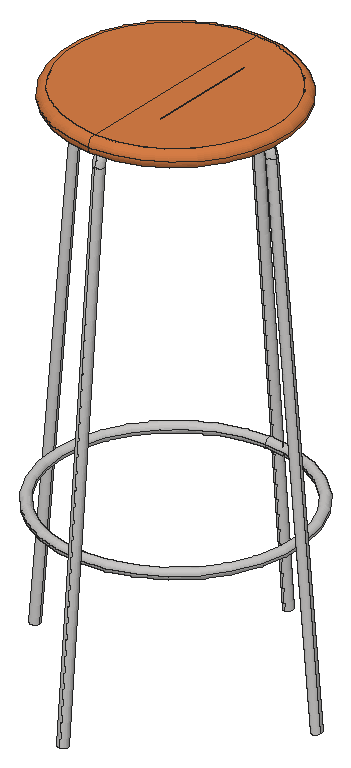
Revit family "Chair Bar 1", category Furniture, Revit 2015
Parameters (values of type "17.5x85cm")
  Material Seat/Back [instance] = Orange Light
  Material Base [instance] = Stainless Steel
  Keynote = ""
  Assembly Code = ""
  Height = 850 mm
  Radius = 175 mm
Reference planes
  plane 1 "Center F/B": y = 0
  plane 2: z = 0
  plane 3 "Center L/R": x = 0
  plane 4: z = 850
  plane 5: z = 254
Forms (mm)
  Sweep 1, solid, material "Stainless Steel" <- "Material Base"
    path origin (0, 0, 0) x (1, 0, 0) y (0, 0, 1)
      loop
        line (225.733, 0) -> (154.429, 801.414)
        arc (154.429, 801.414) -> (146.285, 817.927) -> (129.125, 824.6) r 25.4
        line (129.125, 824.6) -> (-129.125, 824.6)
        arc (-129.125, 824.6) -> (-146.285, 817.927) -> (-154.429, 801.414) r 25.4
        line (-154.429, 801.414) -> (-225.733, 0)
    profile origin (0, 0, 0) x (0, 0, -1) y (0, -1, 0)
      loop
        circle (-824.6, 0) r 7.5
  Sweep 2, solid, material "Stainless Steel" <- "Material Base"
    path origin (0, 0, 0) x (0, 1, 0) y (0, 0, 1)
      loop
        line (-225.733, 0) -> (-154.429, 801.414)
        arc (-154.429, 801.414) -> (-146.285, 817.927) -> (-129.125, 824.6) r 25.4
        line (-129.125, 824.6) -> (129.125, 824.6)
        arc (129.125, 824.6) -> (146.285, 817.927) -> (154.429, 801.414) r 25.4
        line (154.429, 801.414) -> (225.733, 0)
    profile origin (0, 0, 0) x (0, 0, 1) y (1, 0, 0)
      loop
        circle (824.6, 0) r 7.5
  Revolve 3, solid, material "Orange Light" <- "Material Seat/Back"
    sketch origin (0, 0, 0) x (0, 1, 0) y (0, 0, 1)
      loop
        line (0, 850) -> (0, 824.6) -> (162.3, 824.6)
        arc (162.3, 824.6) -> (171.28, 828.32) -> (175, 837.3) r 12.7
        arc (175, 837.3) -> (171.28, 846.28) -> (162.3, 850) r 12.7
        line (162.3, 850) -> (0, 850)
      axis (0, 824.6) -> (0, 850)
    angle from 0 to 360
  Sweep 4, solid, material "Stainless Steel" <- "Material Base"
    path origin (0, 0, 254) x (0, -1, 0) y (1, 0, 0)
      loop
        circle (0, 0) r 209.918
    profile origin (0, 0, 254) x (-1, 0, 0) y (0, 0, 1)
      loop
        circle (188.053, 0) r 7.5
Lines and regions (mm)
  symbolic lines
    curve 1: line (15.875, 226.487, 0) -> (15.875, 202.952, 0)
    curve 2: line (-15.875, 226.487, 0) -> (-15.875, 202.952, 0)
    curve 3: arc (-15.875, 226.487, 0) -> (0, 242.362, 0) -> (15.875, 226.487, 0) r 15.875
    curve 4: line (-226.487, 15.875, 0) -> (-202.952, 15.875, 0)
    curve 5: line (-226.487, -15.875, 0) -> (-202.952, -15.875, 0)
    curve 6: line (-15.875, -226.487, 0) -> (-15.875, -202.952, 0)
    curve 7: line (15.875, -226.487, 0) -> (15.875, -202.952, 0)
    curve 8: line (226.487, -15.875, 0) -> (202.952, -15.875, 0)
    curve 9: line (226.487, 15.875, 0) -> (202.952, 15.875, 0)
    curve 10: arc (-226.487, 15.875, 0) -> (-242.362, 0, 0) -> (-226.487, -15.875, 0) r 15.875
    curve 11: arc (226.487, 15.875, 0) -> (242.362, 0, 0) -> (226.487, -15.875, 0) r 15.875
    curve 12: arc (-15.875, -226.487, 0) -> (0, -242.362, 0) -> (15.875, -226.487, 0) r 15.875
Dimensions and locks
  "Height": plane 4 to plane 2
  "Radius": plane 1 "Center F/B" to Revolve 3 sketch curve
  locked: Revolve 3 sketch curve to Revolve 3 sketch curve at 12.7
Automatic sketch dimensions
  Sweep 1 sketch curve to level = 0 mm  (x2)
  Sweep 1 sketch curve to plane 3 "Center L/R" = 225.733 mm
  plane 4 to Sweep 1 sketch curve = 48.586 mm
  Sweep 1 sketch curve to plane 3 "Center L/R" = 154.429 mm
  plane 4 to Sweep 1 sketch curve = 25.4 mm
  Sweep 1 sketch curve to Sweep 1 sketch curve = 25.303 mm  (x2)
  plane 3 "Center L/R" to Sweep 1 sketch curve = 129.125 mm
  plane 3 "Center L/R" to Sweep 1 sketch curve = 225.733 mm
  Sweep 1 sketch curve to Sweep 1 sketch curve = 25.4 mm
  Sweep 2 sketch curve to level = 0 mm  (x2)
  plane 1 "Center F/B" to Sweep 2 sketch curve = 225.733 mm
  plane 4 to Sweep 2 sketch curve = 48.586 mm  (x2)
  plane 1 "Center F/B" to Sweep 2 sketch curve = 154.429 mm
  Sweep 2 sketch curve to Sweep 2 sketch curve = 25.303 mm  (x2)
  Sweep 2 sketch curve to plane 1 "Center F/B" = 129.125 mm
  Sweep 2 sketch curve to plane 1 "Center F/B" = 225.733 mm
  Sweep 2 sketch curve to Sweep 2 sketch curve = 2.214 mm
  Revolve 3 sketch curve to plane 1 "Center F/B" = 0 mm  (x2)
  Revolve 3 sketch curve to plane 4 = 0 mm
  Revolve 3 sketch curve to Revolve 3 sketch curve = 0 mm
  Revolve 3 sketch curve to plane 4 = 50.8 mm
  Revolve 3 sketch curve to Revolve 3 sketch curve = 50.8 mm
  Sweep 4 sketch curve to plane 3 "Center L/R" = 0 mm
  Sweep 4 sketch curve to plane 1 "Center F/B" = 0 mm
  Sweep 4 sketch curve to Sweep 4 sketch curve = 209.918 mm
  curve 10 to plane 1 "Center F/B" = 0 mm
  curve 3 to plane 3 "Center L/R" = 0 mm
  curve 12 to plane 3 "Center L/R" = 0 mm
  curve 11 to plane 1 "Center F/B" = 0 mm
  curve 12 to curve 12 = 15.875 mm
  curve 2 to plane 3 "Center L/R" = 15.875 mm
  curve 4 to plane 1 "Center F/B" = 15.875 mm
  curve 4 to plane 3 "Center L/R" = 202.952 mm
  curve 5 to curve 5 = 23.535 mm
  curve 9 to plane 1 "Center F/B" = 15.875 mm
  curve 8 to curve 11 = 23.535 mm
  curve 12 to curve 6 = 23.535 mm
  curve 2 to curve 3 = 23.535 mm
  curve 10 to curve 4 = 23.535 mm
  plane 3 "Center L/R" to curve 8 = 202.952 mm
  curve 9 to curve 9 = 23.535 mm
  plane 1 "Center F/B" to curve 7 = 202.952 mm
  curve 6 to curve 7 = 0 mm
  curve 1 to plane 1 "Center F/B" = 202.952 mm
  curve 2 to curve 1 = 0 mm
  Sweep 1 sketch curve to plane 1 "Center F/B" = 0 mm
  Sweep 1 sketch curve to profile plane = 0 mm
  Sweep 4 sketch curve to plane 5 = 0 mm
  profile plane to Sweep 4 sketch curve = 21.866 mm
  Sweep 2 sketch curve to plane 3 "Center L/R" = 0 mm
  Sweep 2 sketch curve to profile plane = 0 mm
  radius of Sweep 1 sketch curve = 7.5 mm
  radius of Sweep 4 sketch curve = 7.5 mm
  radius of Sweep 2 sketch curve = 7.5 mm
